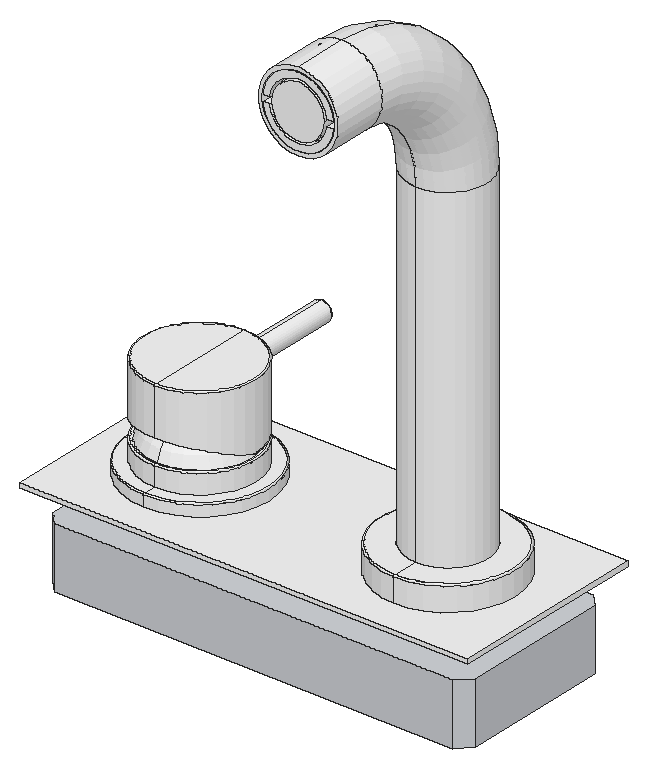
Revit family "Reece_Tap_Sussex_Scala_Curved_Bath Mixer System_32 mm", category Plumbing Fixtures, host Face, Revit 2018
Family settings
  Host = Face
  Round Connector Dimension = Use Diameter
  Part Type = Normal
  Cut with Voids When Loaded = No
  Shared = Yes
  Room Calculation Point = Yes
Parameters (values of type "200 mm_Left Hand_Chrome")
  WFU = 0  # constant formula
  URL = "https://www.reece.com.au/product/-2263063"
  Type Comments = "Tap"
  Reece_Tap_Reach = 200 mm
  Reece_Tap_Outlet_Reach = Reece_Tap_Reach - 2 mm  # 198 mm
  Reece_Tap_Inlet_Right = 0 mm
  Reece_Tap_Inlet_Left = 12 mm
  Reece_Tap_Handle_Top_Height = 27 mm  # constant formula
  Reece_Tap_Handle_Length = 84 mm  # constant formula
  Reece_Tap_Handle_Height = 41.8 mm  # constant formula
  Reece_Tap_Handle_Bottom_Height = 13 mm  # constant formula
  Reece_Tap_Clearance = 75 mm  # constant formula
  Reece_Right_Void = 12.5 mm
  Reece_Right Hand = not(Reece_Left Hand)  # no
  Reece_Product_Web Page = "https://www.reece.com.au/product/-2263063"
  Reece_Product_Type = "Tap"  # constant formula
  Reece_Product_Sub Brand = "Scala"  # constant formula
  Reece_Product_Number = "2263063"
  Reece_Product_Mount = "Wall Mounted"
  Reece_Product_Description = "Sussex Scala 32mm Curved Bath Mixer Tap Outlet System Left Hand 200mm Outlet Chrome"
  Reece_Product_Brand = "Sussex"  # constant formula
  Reece_Plumbing_Right_Void_Length = 3 mm
  Reece_Plumbing_Left_Void_Length = 25 mm
  Reece_Overall_Width = 80 mm  # constant formula
  Reece_Overall_Length = 180 mm  # constant formula
  Reece_Overall_Diameter = 56 mm  # constant formula
  Reece_Material_Main = Reece_Brass_Chrome
  Reece_Left_Void = 24 mm
  Reece_Left Hand = yes
  Reece_Detail_Shape = "Curved"  # constant formula
  Reece_Detail_Installation = ""
  Reece_Detail_Disclaimer = "THIS FILE IS THE PROPERTY OF THE REECE GROUP. IT MAY NOT BE REPRODUCED, REVERSE-ENGINEERED OR MODIFIED. ANY REPUBLICATION, TRANSMISSION OR DISTRIBUTION FOR THE PURPOSE OF COMMERCIALLY EXPLOITING THE FILES IS PROHIBITED."  # constant formula
  Reece_Detail_Connector = "Left Hand"
  Reece_Detail_Additional = "Bath Mixer System"  # constant formula
  Reece_Backplate_Thickness = 10 mm  # constant formula
  Model = "Scala"
  Manufacturer = "Sussex"
  Keynote = "Product #2263063, Reece_Tap_Sussex_Scala_Curved_Bath Mixer System_32 mm - 200 mm_Left Hand_Chrome"
  HWFU = 0  # constant formula
  Disclaimer = "THIS FILE IS THE PROPERTY OF THE REECE GROUP. IT MAY NOT BE REPRODUCED, REVERSE-ENGINEERED OR MODIFIED. ANY REPUBLICATION, TRANSMISSION OR DISTRIBUTION FOR THE PURPOSE OF COMMERCIALLY EXPLOITING THE FILES IS PROHIBITED."  # constant formula
  Description = "Scala 32mm Curved Bath Mixer Tap Outlet System Left Hand 200mm Outlet Chrome"
  Default Elevation = 1000 mm
  CWFU = 0  # constant formula
Types (12, lengths in mm): name | URL | Reece_Tap_Reach | Reece_Tap_Outlet_Reach | Reece_Tap_Inlet_Right | Reece_Tap_Inlet_Left | Reece_Right_Void | Reece_Right Hand | Reece_Product_Web Page | Reece_Product_Number | Reece_Product_Description | Reece_Plumbing_Right_Void_Length | Reece_Plumbing_Left_Void_Length | Reece_Material_Main | Reece_Left_Void | Reece_Left Hand | Reece_Detail_Connector | Keynote | Description
  200 mm_Left Hand_Chrome | "https://www.reece.com.au/product/-2263063" | 200 | 198 | 0 | 12 | 12.5 | no | "https://www.reece.com.au/product/-2263063" | "2263063" | "Sussex Scala 32mm Curved Bath Mixer Tap Outlet System Left Hand 200mm Outlet Chrome" | 3 | 25 | Reece_Brass_Chrome | 24 | yes | "Left Hand" | "Product #2263063, Reece_Tap_Sussex_Scala_Curved_Bath Mixer System_32 mm - 200 mm_Left Hand_Chrome" | "Scala 32mm Curved Bath Mixer Tap Outlet System Left Hand 200mm Outlet Chrome"
  200 mm_Left Hand_PVD Brushed Platinum Gold | "https://www.reece.com.au/product/-2268262" | 200 | 198 | 0 | 12 | 12.5 | no | "https://www.reece.com.au/product/-2268262" | "2268262" | "Sussex Scala 32mm Curved Bath Mixer Tap Outlet System Left Hand 200mm Outlet LUX PVD Brushed Platinum Gold" | 3 | 25 | Reece_PVD_Brushed_Platinum Gold | 24 | yes | "Left Hand" | "Product #2268262, Reece_Tap_Sussex_Scala_Curved_Bath Mixer System_32 mm - 200 mm_Left Hand_PVD Brushed Platinum Gold" | "Scala 32mm Curved Bath Mixer Tap Outlet System Left Hand 200mm Outlet LUX PVD Brushed Platinum Gold"
  250 mm_Left Hand_Chrome | "https://www.reece.com.au/product/-2263064" | 250 | 248 | 0 | 12 | 12.5 | no | "https://www.reece.com.au/product/-2263064" | "2263064" | "Sussex Scala 32mm Curved Bath Mixer Tap Outlet System Left Hand 250mm Outlet Chrome" | 3 | 25 | Reece_Brass_Chrome | 24 | yes | "Left Hand" | "Product #2263064, Reece_Tap_Sussex_Scala_Curved_Bath Mixer System_32 mm - 250 mm_Left Hand_Chrome" | "Scala 32mm Curved Bath Mixer Tap Outlet System Left Hand 250mm Outlet Chrome"
  250 mm_Left Hand_PVD Brushed Platinum Gold | "https://www.reece.com.au/product/-2268263" | 250 | 248 | 0 | 12 | 12.5 | no | "https://www.reece.com.au/product/-2268263" | "2268263" | "Sussex Scala 32mm Curved Bath Mixer Tap Outlet System Left Hand 250mm Outlet LUX PVD Brushed Platinum Gold" | 25 | 3 | Reece_PVD_Brushed_Platinum Gold | 24 | yes | "Left Hand" | "Product #2268263, Reece_Tap_Sussex_Scala_Curved_Bath Mixer System_32 mm - 250 mm_Left Hand_PVD Brushed Platinum Gold" | "Scala 32mm Curved Bath Mixer Tap Outlet System Left Hand 250mm Outlet LUX PVD Brushed Platinum Gold"
  200 mm_Right Hand_Chrome | "https://www.reece.com.au/product/-2263066" | 200 | 198 | 12 | 0 | 24 | yes | "https://www.reece.com.au/product/-2263066" | "2263066" | "Sussex Scala 32mm Curved Bath Mixer Tap Outlet System Right Hand 200mm Outlet Chrome" | 25 | 3 | Reece_Brass_Chrome | 12.5 | no | "Right Hand" | "Product #2263066, Reece_Tap_Sussex_Scala_Curved_Bath Mixer System_32 mm - 200 mm_Right Hand_Chrome" | "Scala 32mm Curved Bath Mixer Tap Outlet System Right Hand 200mm Outlet Chrome"
  200 mm_Right Hand_PVD Brushed Platinum Gold | "https://www.reece.com.au/product/-2268260" | 200 | 198 | 12 | 0 | 24 | yes | "https://www.reece.com.au/product/-2268260" | "2268260" | "Sussex Scala 32mm Curved Bath Mixer Tap Outlet System Right Hand 200mm Outlet LUX PVD Brushed Platinum Gold" | 25 | 3 | Reece_PVD_Brushed_Platinum Gold | 12.5 | no | "Right Hand" | "Product #2268260, Reece_Tap_Sussex_Scala_Curved_Bath Mixer System_32 mm - 200 mm_Right Hand_PVD Brushed Platinum Gold" | "Scala 32mm Curved Bath Mixer Tap Outlet System Right Hand 200mm Outlet LUX PVD Brushed Platinum Gold"
  250 mm_Right Hand_Chrome | "https://www.reece.com.au/product/-2263067" | 250 | 248 | 12 | 0 | 24 | yes | "https://www.reece.com.au/product/-2263067" | "2263067" | "Sussex Scala 32mm Curved Bath Mixer Tap Outlet System Right Hand 250mm Outlet Chrome" | 25 | 3 | Reece_Brass_Chrome | 12.5 | no | "Right Hand" | "Product #2263067, Reece_Tap_Sussex_Scala_Curved_Bath Mixer System_32 mm - 250 mm_Right Hand_Chrome" | "Scala 32mm Curved Bath Mixer Tap Outlet System Right Hand 250mm Outlet Chrome"
  250 mm_Right Hand_PVD Brushed Platinum Gold | "https://www.reece.com.au/product/-2268259" | 250 | 248 | 12 | 0 | 24 | yes | "https://www.reece.com.au/product/-2268259" | "2268259" | "Sussex Scala 32mm Curved Bath Mixer Tap Outlet System Right Hand 250mm Outlet LUX PVD Brushed Platinum Gold" | 25 | 3 | Reece_PVD_Brushed_Platinum Gold | 12.5 | no | "Right Hand" | "Product #2268259, Reece_Tap_Sussex_Scala_Curved_Bath Mixer System_32 mm - 250 mm_Right Hand_PVD Brushed Platinum Gold" | "Scala 32mm Curved Bath Mixer Tap Outlet System Right Hand 250mm Outlet LUX PVD Brushed Platinum Gold"
  160 mm_Left Hand_Chrome | "https://www.reece.com.au/product/-2263062" | 160 | 158 | 0 | 12 | 12.5 | no | "https://www.reece.com.au/product/-2263062" | "2263062" | "Sussex Scala 32mm Curved Bath Mixer Tap Outlet System Left Hand 160mm Outlet Chrome" | 3 | 25 | Reece_Brass_Chrome | 24 | yes | "Left Hand" | "Product #2263062, Reece_Tap_Sussex_Scala_Curved_Bath Mixer System_32 mm - 160 mm_Left Hand_Chrome" | "Scala 32mm Curved Bath Mixer Tap Outlet System Left Hand 160mm Outlet Chrome"
  160 mm_Left Hand_PVD Brushed Platinum Gold | "https://www.reece.com.au/product/-2268261" | 160 | 158 | 0 | 12 | 12.5 | no | "https://www.reece.com.au/product/-2268261" | "2268261" | "Sussex Scala 32mm Curved Bath Mixer Tap Outlet System Left Hand 160mm Outlet LUX PVD Brushed Platinum Gold" | 3 | 25 | Reece_PVD_Brushed_Platinum Gold | 24 | yes | "Left Hand" | "Product #2268261, Reece_Tap_Sussex_Scala_Curved_Bath Mixer System_32 mm - 160 mm_Left Hand_PVD Brushed Platinum Gold" | "Scala 32mm Curved Bath Mixer Tap Outlet System Left Hand 160mm Outlet LUX PVD Brushed Platinum Gold"
  160 mm_Right Hand_Chrome | "https://www.reece.com.au/product/-2263065" | 160 | 158 | 12 | 0 | 24 | yes | "https://www.reece.com.au/product/-2263065" | "2263065" | "Sussex Scala 32mm Curved Bath Mixer Tap Outlet System Right Hand 160mm Outlet Chrome" | 25 | 3 | Reece_Brass_Chrome | 12.5 | no | "Right Hand" | "Product #2263065, Reece_Tap_Sussex_Scala_Curved_Bath Mixer System_32 mm - 160 mm_Right Hand_Chrome" | "Scala 32mm Curved Bath Mixer Tap Outlet System Right Hand 160mm Outlet Chrome"
  160 mm_Right Hand_PVD Brushed Platinum Gold | "https://www.reece.com.au/product/-2268258" | 160 | 158 | 12 | 0 | 24 | yes | "https://www.reece.com.au/product/-2268258" | "2268258" | "Sussex Scala 32mm Curved Bath Mixer Tap Outlet System Right Hand 160mm Outlet LUX PVD Brushed Platinum Gold" | 25 | 3 | Reece_PVD_Brushed_Platinum Gold | 12.5 | no | "Right Hand" | "Product #2268258, Reece_Tap_Sussex_Scala_Curved_Bath Mixer System_32 mm - 160 mm_Right Hand_PVD Brushed Platinum Gold" | "Scala 32mm Curved Bath Mixer Tap Outlet System Right Hand 160mm Outlet LUX PVD Brushed Platinum Gold"
Reference planes
  plane 1 "Center (Front/Back)": y = 0
  plane 2 "Bottom": z = 0
  plane 3 "Center (Left/Right)": x = 0
  plane 4 "Top": z = 200
  plane 5: y = 40
  plane 6: y = -40
  plane 7: x = -90
  plane 8: x = 90
  plane 9: x = -49.8
  plane 10: x = 49.8
  plane 11: y = -75
  plane 12: z = 2
  plane 13: z = -23.75
  plane 14: x = -65
  plane 15: y = 37
  plane 16: x = 87
  plane 17: x = 33.8
  plane 18: x = 65.8
  plane 19: y = -22.5
  plane 20: y = 61.5
Forms (mm)
  Extrusion 1, solid, material "Reece_Brass_Chrome" <- "Reece_Material_Main"
    sketch origin (0, 0, 0) x (1, 0, 0) y (0, 1, 0)
      loop
        line (-90, 40) -> (-90, -40) -> (90, -40) -> (90, 40) -> (-90, 40)
    from 0 to 2
  Revolve 2, void
    sketch origin (0, 0, 0) x (1, 0, 0) y (0, 0, 1)
      loop
        line (-49.8, 2) -> (-49.8, -39.258) -> (-25.8, -39.258) -> (-25.8, 2) -> (-49.8, 2)
      axis (-49.8, 2) -> (-49.8, -39.258)
    angle from 0 to 360
  Revolve 3, void
    sketch origin (99.6, 0, 0) x (1, 0, 0) y (0, 0, 1)
      loop
        line (-49.8, 2) -> (-49.8, -41.506) -> (-37.3, -41.506) -> (-37.3, 2) -> (-49.8, 2)
      axis (-49.8, 2) -> (-49.8, -41.506)
    angle from 0 to 360
  Revolve 4, solid, visible <- "Reece_Left Hand"
    sketch origin (-79.101, 0, 1219.2) x (-1, 0, 0) y (0, 0, -1)
      loop
        line (-140.374, 1230.612) -> (-140.374, 1229.603) -> (-139.209, 1229.603) -> (-139.978, 1229.064) -> (-139.209, 1228.526) -> (-139.978, 1227.987) -> (-139.209, 1227.449) -> (-139.978, 1226.91) -> (-139.209, 1226.371) -> (-139.978, 1225.833) -> (-139.209, 1225.294) -> (-139.978, 1224.756) -> (-139.209, 1224.217) -> (-139.978, 1223.678) -> (-139.209, 1223.14) -> (-139.978, 1222.601) -> (-139.209, 1222.063) -> (-139.978, 1221.524) -> (-139.209, 1220.985) -> (-139.978, 1220.447) -> (-139.209, 1219.908) -> (-139.978, 1219.37) -> (-139.209, 1218.831) -> (-139.978, 1218.292) -> (-139.209, 1217.754) -> (-140, 1217.2) -> (-128.901, 1217.2) -> (-128.901, 1230.612) -> (-140.374, 1230.612)
      axis (-128.901, 1217.2) -> (-128.901, 1230.612)
    angle from 0 to 360
  Extrusion 5, solid
    sketch origin (0, 0, 0) x (1, 0, 0) y (0, 1, 0)
      loop
        line (-85, 30) -> (-85, -30) -> (-80, -35) -> (80, -35) -> (85, -30) -> (85, 30) -> (80, 35) -> (-80, 35) -> (-85, 30)
    from -36.057 to -11.412
  Extrusion 6, void
    sketch origin (0, 0, 0) x (1, 0, 0) y (0, 1, 0)
      loop
        line (-90, 40) -> (-90, -40) -> (90, -40) -> (90, 40) -> (-90, 40)
    from -46.112 to 0
  Revolve 7, solid, visible <- "Reece_Left Hand"
    sketch origin (0, 0, 0) x (1, 0, 0) y (0, 0, 1)
      loop
        line (-49.8, 2) -> (-49.8, -11.412) -> (-27.752, -11.412) -> (-27.752, 2) -> (-49.8, 2)
      axis (-49.8, 2) -> (-49.8, -11.412)
    angle from 0 to 360
  Revolve 8, solid, visible <- "Reece_Right Hand"
    sketch origin (99.6, 0, 0) x (1, 0, 0) y (0, 0, 1)
      loop
        line (-49.8, 2) -> (-49.8, -11.412) -> (-27.752, -11.412) -> (-27.752, 2) -> (-49.8, 2)
      axis (-49.8, 2) -> (-49.8, -11.412)
    angle from 0 to 360
  Revolve 9, solid, visible <- "Reece_Right Hand"
    sketch origin (79.101, 0, 1219.2) x (1, 0, 0) y (0, 0, 1)
      loop
        line (-140.374, -1230.612) -> (-128.901, -1230.612) -> (-128.901, -1217.2) -> (-140, -1217.2) -> (-139.209, -1217.754) -> (-139.978, -1218.292) -> (-139.209, -1218.831) -> (-139.978, -1219.37) -> (-139.209, -1219.908) -> (-139.978, -1220.447) -> (-139.209, -1220.985) -> (-139.978, -1221.524) -> (-139.209, -1222.063) -> (-139.978, -1222.601) -> (-139.209, -1223.14) -> (-139.978, -1223.678) -> (-139.209, -1224.217) -> (-139.978, -1224.756) -> (-139.209, -1225.294) -> (-139.978, -1225.833) -> (-139.209, -1226.371) -> (-139.978, -1226.91) -> (-139.209, -1227.449) -> (-139.978, -1227.987) -> (-139.209, -1228.526) -> (-139.978, -1229.064) -> (-139.209, -1229.603) -> (-140.374, -1229.603) -> (-140.374, -1230.612)
      axis (-128.901, -1217.2) -> (-128.901, -1230.612)
    angle from 0 to 360
  Revolve 10, void
    sketch origin (0, 0, -23.75) x (1, 0, 0) y (0, 1, 0)
      loop
        line (34.8, 37) -> (41.8, 37) -> (41.8, 40) -> (34.8, 40) -> (34.8, 37)
      axis (34.8, 40) -> (34.8, 37)
    angle from 0 to 360
  Revolve 11, void
    sketch origin (0, 0, -23.5) x (1, 0, 0) y (0, 1, 0)
      loop
        line (87, 0) -> (90, 0) -> (90, 7) -> (87, 7) -> (87, 0)
      axis (87, 0) -> (90, 0)
    angle from 0 to 360
  Revolve 12, void
    sketch origin (0, 0, -23.75) x (-1, 0, 0) y (0, -1, 0)
      loop
        line (34.8, -15) -> (34.8, -40) -> (41.8, -40) -> (41.8, -15) -> (34.8, -15)
      axis (34.8, -40) -> (34.8, -15)
    angle from 0 to 360
  Revolve 13, void
    sketch origin (0, 0, -23.5) x (-1, 0, 0) y (0, -1, 0)
      loop
        line (65, 0) -> (65, -7) -> (90, -7) -> (90, 0) -> (65, 0)
      axis (65, 0) -> (90, 0)
    angle from 0 to 360
Cuts and joins
  Revolve 2, Revolve 3, Revolve 10 cuts Extrusion 1
  Revolve 10 cuts Revolve 8
  Revolve 10, Revolve 11, Revolve 12, Revolve 13 cuts Extrusion 5
Text (mm)
  text "Reece Copyright © 2018, Reece Ltd." at (-184.095, -168.531, 0), in view "Ref. Level"
  text "Reece ©" at (44.384, 258.95, 192.345), in view "Reece Preview"
Dimensions and locks
  "Reece_Tap_Reach": plane 4 "Top" to plane 2 "Bottom"
  "Reece_Overall_Width": plane 6 to plane 5
  "Reece_Overall_Length": plane 7 to plane 8
  plane 9 to plane 10 = 99.6 mm
  "Reece_Tap_Clearance": plane 11 to plane 1 "Center (Front/Back)"
  plane 4 "Top" to plane 2 "Bottom" = 200 mm
  plane 10 to plane 9 = 99.6 mm
  plane 2 "Bottom" to plane 4 "Top" = 200 mm
  "Reece_Tap_Clearance": plane 1 "Center (Front/Back)" to plane 11
  "Reece_Left_Void": Revolve 2 sketch curve to Revolve 2 sketch curve
  "Reece_Right_Void": Revolve 3 sketch curve to Revolve 3 sketch curve
  "Reece_Plumbing_Left_Void_Length": plane 7 to plane 14
  "Reece_Plumbing_Right_Void_Length": plane 5 to plane 15
  "Reece_Plumbing_Right_Void_Length": plane 16 to plane 8
  plane 17 to plane 18 = 32 mm
  "Reece_Tap_Handle_Length": plane 19 to plane 20
  aligned and locked: plane 2 "Bottom" to host face
  aligned and locked: level to host face
  aligned and locked: plane 9 to nested 3
  aligned and locked: plane 10 to nested 4
  aligned and locked: plane 1 "Center (Front/Back)" to nested 4
  aligned and locked: plane 5 to Revolve 10 sketch curve
  aligned and locked: plane 7 to Revolve 13
  aligned and locked: plane 15 to cut or joined group of Extrusion 5, Revolve 10, Revolve 11, Revolve 12, Revolve 13
  aligned and locked: plane 16 to cut or joined group of Extrusion 5, Revolve 10, Revolve 11, Revolve 12, Revolve 13
  aligned and locked: plane 14 to Revolve 13
Automatic sketch dimensions
  host sketch curve to host sketch curve = 380.785 mm
  host sketch curve to host sketch curve = 317.421 mm
  plane 6 to Extrusion 1 sketch curve = 0 mm
  Extrusion 1 sketch curve to plane 7 = 0 mm
  Extrusion 1 sketch curve to plane 8 = 0 mm
  plane 5 to Extrusion 1 sketch curve = 0 mm
  Revolve 4 sketch curve to plane 12 = 0 mm
  Revolve 4 sketch curve to plane 10 = 0 mm  (x2)
  level to Revolve 4 sketch curve = 0.369 mm
  plane 10 to Revolve 4 sketch curve = 10.308 mm
  Revolve 4 sketch curve to plane 12 = 0.554 mm
  Revolve 4 sketch curve to Revolve 4 sketch curve = 0 mm  (x11)
  Revolve 4 sketch curve to level = 0.708 mm
  Revolve 4 sketch curve to level = 1.785 mm
  Revolve 4 sketch curve to level = 2.863 mm
  Revolve 4 sketch curve to level = 3.94 mm
  Revolve 4 sketch curve to level = 5.017 mm
  Revolve 4 sketch curve to Revolve 4 sketch curve = 0.769 mm  (x11)
  Revolve 4 sketch curve to level = 4.478 mm
  Revolve 4 sketch curve to level = 3.401 mm
  Revolve 4 sketch curve to level = 2.324 mm
  Revolve 4 sketch curve to level = 1.247 mm
  Revolve 4 sketch curve to level = 0.17 mm
  level to Revolve 4 sketch curve = 0.908 mm
  Revolve 4 sketch curve to Revolve 4 sketch curve = 0.791 mm
  Revolve 4 sketch curve to Revolve 4 sketch curve = 0.397 mm
  Revolve 4 sketch curve to Revolve 4 sketch curve = 0.539 mm  (x10)
  Revolve 4 sketch curve to Revolve 4 sketch curve = 1.009 mm
  Revolve 4 sketch curve to Revolve 4 sketch curve = 6.93 mm
  Revolve 4 sketch curve to plane 13 = 13.767 mm
  Extrusion 5 sketch curve to plane 7 = 5 mm
  plane 5 to Extrusion 5 sketch curve = 5 mm
  Extrusion 5 sketch curve to Extrusion 5 sketch curve = 5 mm  (x6)
  Extrusion 5 sketch curve to plane 6 = 5 mm
  plane 8 to Extrusion 5 sketch curve = 10 mm  (x2)
  plane 8 to Extrusion 5 sketch curve = 5 mm
  plane 6 to Extrusion 6 sketch curve = 0 mm
  Extrusion 6 sketch curve to plane 7 = 0 mm
  Extrusion 6 sketch curve to plane 8 = 0 mm
  plane 5 to Extrusion 6 sketch curve = 0 mm
  Revolve 7 sketch curve to plane 9 = 0 mm  (x2)
  Revolve 7 sketch curve to plane 12 = 0 mm
  plane 9 to Revolve 7 sketch curve = 22.048 mm
  Revolve 7 sketch curve to level = 11.412 mm
  Revolve 7 sketch curve to level = 3 mm
  plane 13 to Revolve 7 sketch curve = 5.75 mm
  Revolve 8 sketch curve to plane 10 = 0 mm  (x2)
  Revolve 8 sketch curve to plane 12 = 0 mm
  plane 8 to Revolve 8 sketch curve = 18.152 mm
  Revolve 8 sketch curve to level = 11.412 mm
  Revolve 8 sketch curve to level = 3 mm
  plane 13 to Revolve 8 sketch curve = 5.75 mm
  Revolve 9 sketch curve to plane 12 = 0 mm
  Revolve 9 sketch curve to plane 9 = 0 mm  (x2)
  level to Revolve 9 sketch curve = 0.369 mm
  Revolve 9 sketch curve to plane 9 = 10.308 mm
  Revolve 9 sketch curve to plane 12 = 0.554 mm
  Revolve 9 sketch curve to Revolve 9 sketch curve = 0 mm  (x11)
  Revolve 9 sketch curve to level = 0.708 mm
  Revolve 9 sketch curve to level = 1.785 mm
  Revolve 9 sketch curve to level = 2.863 mm
  Revolve 9 sketch curve to level = 3.94 mm
  Revolve 9 sketch curve to level = 5.017 mm
  Revolve 9 sketch curve to Revolve 9 sketch curve = 0.769 mm  (x11)
  Revolve 9 sketch curve to level = 4.478 mm
  Revolve 9 sketch curve to level = 3.401 mm
  Revolve 9 sketch curve to level = 2.324 mm
  Revolve 9 sketch curve to level = 1.247 mm
  Revolve 9 sketch curve to level = 0.17 mm
  level to Revolve 9 sketch curve = 0.908 mm
  Revolve 9 sketch curve to Revolve 9 sketch curve = 0.791 mm
  Revolve 9 sketch curve to Revolve 9 sketch curve = 0.397 mm
  Revolve 9 sketch curve to Revolve 9 sketch curve = 0.539 mm  (x10)
  Revolve 9 sketch curve to Revolve 9 sketch curve = 1.009 mm
  Revolve 9 sketch curve to plane 13 = 13.767 mm
  Revolve 9 sketch curve to Revolve 9 sketch curve = 6.93 mm
  Revolve 10 sketch curve to plane 10 = 15 mm
  Revolve 10 sketch curve to Revolve 10 sketch curve = 7 mm
  Revolve 10 sketch curve to plane 1 "Center (Front/Back)" = 37 mm
  Revolve 10 sketch curve to Revolve 10 sketch curve = 0 mm
  Revolve 10 sketch curve to Revolve 10 sketch curve = 9.784 mm
  Revolve 10 sketch curve to Revolve 10 sketch curve = 8 mm
  plane 1 "Center (Front/Back)" to Revolve 11 sketch curve = 0 mm  (x2)
  Revolve 11 sketch curve to plane 8 = 0 mm
  plane 10 to Revolve 11 sketch curve = 37.2 mm
  Revolve 11 sketch curve to Revolve 11 sketch curve = 7 mm
  plane 8 to Revolve 11 sketch curve = 10 mm
  Revolve 11 sketch curve to Revolve 11 sketch curve = 10 mm
  plane 5 to Revolve 12 sketch curve = 0 mm
  plane 9 to Revolve 12 sketch curve = 15 mm
  Revolve 12 sketch curve to Revolve 12 sketch curve = 7 mm
  Revolve 12 sketch curve to plane 1 "Center (Front/Back)" = 15 mm
  Revolve 12 sketch curve to Revolve 12 sketch curve = 0 mm
  Revolve 12 sketch curve to plane 5 = 8 mm
  Revolve 12 sketch curve to Revolve 12 sketch curve = 13.357 mm
  plane 1 "Center (Front/Back)" to Revolve 13 sketch curve = 0 mm  (x2)
  Revolve 13 sketch curve to plane 7 = 0 mm
  Revolve 13 sketch curve to plane 9 = 15.2 mm
  Revolve 13 sketch curve to Revolve 13 sketch curve = 7 mm
  Revolve 13 sketch curve to Revolve 13 sketch curve = 10 mm
  plane 7 to Revolve 13 sketch curve = 10 mm
  Revolve 2 sketch curve to plane 9 = 0 mm  (x2)
  Revolve 2 sketch curve to plane 12 = 0 mm
  Revolve 2 sketch curve to plane 13 = 15.508 mm
  plane 13 to Revolve 2 sketch curve = 3.265 mm
  Revolve 2 sketch curve to Revolve 2 sketch curve = 1.228 mm
  Revolve 3 sketch curve to plane 10 = 0 mm  (x2)
  Revolve 3 sketch curve to plane 12 = 0 mm
  Revolve 3 sketch curve to plane 13 = 17.756 mm
  plane 13 to Revolve 3 sketch curve = 3.265 mm
  Revolve 3 sketch curve to Revolve 3 sketch curve = 1.02 mm
Nested families
  nested 1: "Reece_Tap_Sussex_Scala_Curved_32 mm_Nested" at (49.8, 0, 2), visible <- "Reece_Left Hand", Reece_Tap_Clearance <- "Reece_Tap_Clearance", Reece_Tap_Reach <- "Reece_Tap_Outlet_Reach", Reece_Backplate_Thickness <- "Reece_Backplate_Thickness", Reece_Material_Main <- "Reece_Material_Main", type "Reece_Tap_Sussex_Scala_Curved_32 mm_Nested"
    with Reece_Tap_Reach 198 mm, Reece_Tap_Clearance 75 mm, Reece_Overall_Length 214 mm, Reece_Material_Main Reece_Brass_Chrome, Reece_Backplate_Thickness 10 mm, Default Elevation 1000 mm
  nested 2: "Reece_Tap_Sussex_Scala_Curved_32 mm_Nested" at (-49.8, 0, 2), visible <- "Reece_Right Hand", Reece_Tap_Clearance <- "Reece_Tap_Clearance", Reece_Tap_Reach <- "Reece_Tap_Outlet_Reach", Reece_Backplate_Thickness <- "Reece_Backplate_Thickness", Reece_Material_Main <- "Reece_Material_Main", type "Reece_Tap_Sussex_Scala_Curved_32 mm_Nested"
    with Reece_Tap_Reach 198 mm, Reece_Tap_Clearance 75 mm, Reece_Overall_Length 214 mm, Reece_Material_Main Reece_Brass_Chrome, Reece_Backplate_Thickness 10 mm, Default Elevation 1000 mm
  nested 3: "Reece_Tap_Sussex_Scala_Mixer_Nested" at (-49.8, 0, 2), visible <- "Reece_Left Hand", Reece_Material_Main <- "Reece_Material_Main", Reece_Overall_Diameter <- "Reece_Overall_Diameter", Reece_Tap_Handle_Height <- "Reece_Tap_Handle_Height", Reece_Tap_Handle_Top_Height <- "Reece_Tap_Handle_Top_Height", Reece_Tap_Handle_Bottom_Height <- "Reece_Tap_Handle_Bottom_Height", Reece_Tap_Projection <- "Reece_Tap_Handle_Length", type "Reece_Tap_Sussex_Scala_Mixer_Nested"
    with Reece_Tap_Projection 84 mm, Reece_Tap_Handle_Top_Height 27 mm, Reece_Tap_Handle_Height 41.8 mm, Reece_Tap_Handle_Bottom_Height 13 mm, Reece_Overall_Diameter 56 mm, Reece_Material_Main Reece_Brass_Chrome
  nested 4: "Reece_Tap_Sussex_Scala_Mixer_Nested" at (49.8, 0, 2), visible <- "Reece_Right Hand", Reece_Material_Main <- "Reece_Material_Main", Reece_Overall_Diameter <- "Reece_Overall_Diameter", Reece_Tap_Handle_Height <- "Reece_Tap_Handle_Height", Reece_Tap_Handle_Top_Height <- "Reece_Tap_Handle_Top_Height", Reece_Tap_Handle_Bottom_Height <- "Reece_Tap_Handle_Bottom_Height", Reece_Tap_Projection <- "Reece_Tap_Handle_Length", type "Reece_Tap_Sussex_Scala_Mixer_Nested"
    with Reece_Tap_Projection 84 mm, Reece_Tap_Handle_Top_Height 27 mm, Reece_Tap_Handle_Height 41.8 mm, Reece_Tap_Handle_Bottom_Height 13 mm, Reece_Overall_Diameter 56 mm, Reece_Material_Main Reece_Brass_Chrome
Connectors
  piping at (85, 0, -23.734), driven by "Reece_Tap_Inlet_Right"
    settings: on cut or joined group of Extrusion 5, Revolve 10, Revolve 11, Revolve 12, Revolve 13, index 1, connector diameter 0 mm, connector inside diameter 609.6 mm, connector length 0 mm, flow factor 0, pipe flow 0.0 L/s, pressure drop 0.0 Pa, fitting loss kfactor 0, connector angle 0.00°, fixture units 0, engagement length 0 mm, angle of deflection 0.00°, flow configuration 0, flow direction 1, fitting loss method 0, system type 29, joint type 0, gender type 0, connector reference index -1, connector utility 0, adjustable connector no, is connector primary yes, connector description ""
  piping at (34.8, 35, -23.75), driven by "Reece_Tap_Inlet_Right"
    settings: on cut or joined group of Extrusion 5, Revolve 10, Revolve 11, Revolve 12, Revolve 13, index 2, connector diameter 0 mm, connector inside diameter 609.6 mm, connector length 0 mm, flow factor 0, pipe flow 0.0 L/s, pressure drop 0.0 Pa, fitting loss kfactor 0, connector angle 0.00°, fixture units 0, engagement length 0 mm, angle of deflection 0.00°, flow configuration 0, flow direction 1, fitting loss method 0, system type 29, joint type 0, gender type 0, connector reference index -1, connector utility 0, adjustable connector no, is connector primary no, connector description ""
  piping at (-34.8, 35, -23.75), diameter 12, driven by "Reece_Tap_Inlet_Left"
    settings: on cut or joined group of Extrusion 5, Revolve 10, Revolve 11, Revolve 12, Revolve 13, index 3, connector inside diameter 609.6 mm, connector length 0 mm, flow factor 0, pipe flow 0.0 L/s, pressure drop 0.0 Pa, fitting loss kfactor 0, connector angle 0.00°, fixture units 0, engagement length 0 mm, angle of deflection 0.00°, flow configuration 0, flow direction 1, fitting loss method 0, system type 29, joint type 0, gender type 0, connector reference index -1, connector utility 0, adjustable connector no, is connector primary no, connector description ""
  piping at (-85, 0, -23.5), diameter 12, driven by "Reece_Tap_Inlet_Left"
    settings: on cut or joined group of Extrusion 5, Revolve 10, Revolve 11, Revolve 12, Revolve 13, index 4, connector inside diameter 609.6 mm, connector length 0 mm, flow factor 0, pipe flow 0.0 L/s, pressure drop 0.0 Pa, fitting loss kfactor 0, connector angle 0.00°, fixture units 0, engagement length 0 mm, angle of deflection 0.00°, flow configuration 0, flow direction 1, fitting loss method 0, system type 29, joint type 0, gender type 0, connector reference index -1, connector utility 0, adjustable connector no, is connector primary no, connector description ""
Definition of nested family "Reece_Tap_Sussex_Scala_Curved_32 mm_Nested"
  Parameters (values of type "Reece_Tap_Sussex_Scala_Curved_32 mm_Nested")
    Waste Connection = no
    WFU = 0
    Vent Connection = no
    URL = ""
    Type Comments = ""
    Reece_Tap_Reach [instance] = 200 mm
    Reece_Tap_Clearance [instance] = 67 mm
    Reece_Overall_Length [instance] = Reece_Tap_Reach + 16 mm  # 216 mm
    Reece_Material_Main [instance] = none
    Reece_Backplate_Thickness [instance] = 5 mm
    Model = ""
    Manufacturer = ""
    Keynote = ""
    HWFU = 0
    HW Connection = no
    Description = ""
    Default Elevation = 0 mm
    Cost = 0
    CWFU = 0
    CW Connection = no
    Assembly Code = ""
  Types (2, lengths in mm): name | Reece_Tap_Reach | Reece_Overall_Length | Default Elevation
    Reece_Tap_Sussex_Scala_Curved_32 mm_Nested | 200 | 216 | 0
    Reece_Tap_Sussex_Scala_Curved_25 mm_Nested | 250 | 266 | 1000
  Reference planes
    plane 1 "Center (Front/Back)": y = 0
    plane 2 "Bottom": z = 0
    plane 3 "Center (Left/Right)": x = 0
    plane 4: z = 200
    plane 5: y = -67
    plane 6: z = 216
    plane 7: x = 100
    plane 8: x = -100
    plane 9: z = 43
    plane 10: x = -73
    plane 11: x = -127
    plane 12: x = -27
    plane 13: x = 27
    plane 14: x = -12.5
    plane 15: x = 12.5
    plane 16: y = 0
    plane 17: z = 5
  Forms (mm)
    Extrusion 1, solid
      sketch origin (609.2, -664.2, 0) x (1, 0, 0) y (0, 1, 0)
        loop
          line (-797.73, 779.2) -> (-797.73, 509.547) -> (-428.415, 509.547) -> (-428.415, 779.2) -> (-797.73, 779.2)
      from 0 to -9.564
    Sweep 2, solid, material <- "Reece_Material_Main"
      path origin (0, 0, 0) x (0, 1, 0) y (0, 0, 1)
        loop
          line (0, 8.917) -> (0, 155)
          arc (0, 155) -> (-13.18, 186.82) -> (-45, 200) r 45
          line (-45, 200) -> (-67, 200)
      profile origin (0, 0, 81.959) x (0, -1, 0) y (1, 0, 0)
        loop
          circle (0, 0) r 16
        loop
          circle (0, 0) r 14.5
    Extrusion 3, solid, material <- "Reece_Material_Main"
      sketch origin (0, 0, 0) x (1, 0, 0) y (0, 0, 1)
        loop
          circle (0, 200) r 10.535
        loop
          line (-14.201, 201.337) -> (-11.513, 201.337)
          arc (-11.513, 201.337) -> (0, 211.59) -> (11.513, 201.337) r 11.59
          line (11.513, 201.337) -> (14.201, 201.337)
          arc (14.201, 201.337) -> (0, 214.264) -> (-14.201, 201.337) r 14.264
        loop
          arc (-14.201, 198.663) -> (0, 185.736) -> (14.201, 198.663) r 14.264
          line (14.201, 198.663) -> (11.513, 198.663)
          arc (11.513, 198.663) -> (0, 188.41) -> (-11.513, 198.663) r 11.59
          line (-11.513, 198.663) -> (-14.201, 198.663)
      from 64.455 to 67
    Extrusion 4, solid, material <- "Reece_Material_Main"
      sketch origin (0, 0, 0) x (1, 0, 0) y (0, 0, 1)
        loop
          circle (0, 200) r 14.5
      from 62.863 to 64.455
    Revolve 5, solid, material <- "Reece_Material_Main"
      sketch origin (0, 0, 0) x (0, 1, 0) y (0, 0, 1)
        loop
          line (0, 0) -> (0, 8.917) -> (-16.209, 8.917) -> (-16.209, 10) -> (-26.4, 10)
          arc (-26.4, 10) -> (-26.824, 9.824) -> (-27, 9.4) r 0.6
          line (-27, 9.4) -> (-27, 0) -> (0, 0)
        axis (0, 10) -> (0, 0)
      angle from 0 to 360
  Cuts and joins
    joined: Sweep 2, Extrusion 3, Extrusion 4
  Text (mm)
    text "Reece Copyright © 2018, Reece Ltd." at (-195.976, -180.714, 0), in view "Ref. Level"
    text "Reece ©" at (69.347, 211.464, 119.896), in view "Reece Preview"
  Dimensions and locks
    "Reece_Tap_Reach": plane 4 to plane 2 "Bottom"
    "Reece_Overall_Length": plane 6 to plane 2 "Bottom"
    equal spacing: plane 8, plane 3 "Center (Left/Right)", plane 7
    plane 8 to plane 7 = 200 mm
    plane 9 to plane 2 "Bottom" = 43 mm
    "Reece_Tap_Clearance": plane 1 "Center (Front/Back)" to plane 5
    plane 9 to Extrusion 1 = 43 mm
    plane 11 to plane 10 = 54 mm
    equal spacing: plane 11, plane 8, plane 10
    plane 12 to plane 13 = 54 mm
    plane 6 to plane 4 = 16 mm
    plane 8 to plane 3 "Center (Left/Right)" = 100 mm
    plane 3 "Center (Left/Right)" to plane 7 = 100 mm
    plane 5 to plane 1 "Center (Front/Back)" = 67 mm
    plane 1 "Center (Front/Back)" to plane 16 = 0 mm
    "Reece_Backplate_Thickness": plane 17 to plane 2 "Bottom"
    locked: cut or joined group of Sweep 2, Extrusion 3, Extrusion 4 to cut or joined group of Sweep 2, Extrusion 3, Extrusion 4 at 4.137
    aligned and locked: plane 2 "Bottom" to Extrusion 1
    aligned and locked: level to Extrusion 1
    aligned and locked: plane 1 "Center (Front/Back)" to Sweep 2 sketch curve
    aligned and locked: Sweep 2 sketch curve to plane 4
    aligned and locked: plane 5 to cut or joined group of Sweep 2, Extrusion 3, Extrusion 4  (x2)
  Automatic sketch dimensions
    Extrusion 1 sketch curve to Extrusion 1 sketch curve = 369.315 mm
    Extrusion 1 sketch curve to Extrusion 1 sketch curve = 269.653 mm
    Sweep 2 sketch curve to plane 5 = 0 mm
    Sweep 2 sketch curve to Sweep 2 sketch curve = 22 mm
    level to Sweep 2 sketch curve = 8.917 mm
    Sweep 2 sketch curve to Sweep 2 sketch curve = 0 mm  (x2)
    Sweep 2 sketch curve to plane 3 "Center (Left/Right)" = 0 mm
    Sweep 2 sketch curve to profile plane = 0 mm
    Extrusion 4 sketch curve to plane 3 "Center (Left/Right)" = 0 mm
    Extrusion 4 sketch curve to plane 4 = 0 mm
    Extrusion 3 sketch curve to Extrusion 3 sketch curve = 0 mm  (x20)
    Extrusion 3 sketch curve to plane 3 "Center (Left/Right)" = 0 mm
    Extrusion 3 sketch curve to plane 4 = 0 mm
    Extrusion 3 sketch curve to plane 14 = 0.987 mm  (x2)
    plane 14 to Extrusion 3 sketch curve = 1.701 mm  (x2)
    Extrusion 3 sketch curve to plane 15 = 0.987 mm  (x2)
    Extrusion 3 sketch curve to plane 4 = 1.337 mm
    plane 4 to Extrusion 3 sketch curve = 1.337 mm
    level to Revolve 5 sketch curve = 0 mm
    Revolve 5 sketch curve to plane 1 "Center (Front/Back)" = 0 mm  (x2)
    plane 1 "Center (Front/Back)" to Revolve 5 sketch curve = 16.209 mm
    Revolve 5 sketch curve to Revolve 5 sketch curve = 10.191 mm
    Revolve 5 sketch curve to Revolve 5 sketch curve = 0.6 mm
    Revolve 5 sketch curve to Revolve 5 sketch curve = 8.917 mm
    Revolve 5 sketch curve to Revolve 5 sketch curve = 9.4 mm
    Revolve 5 sketch curve to level = 12.434 mm
    Revolve 5 sketch curve to Revolve 5 sketch curve = 2.566 mm
    radius of Sweep 2 sketch curve = 16 mm
    radius of Sweep 2 sketch curve = 14.5 mm
    radius of Extrusion 4 sketch curve = 14.5 mm
    radius of Extrusion 3 sketch curve = 10.535 mm
Definition of nested family "Reece_Tap_Sussex_Scala_Mixer_Nested"
  Parameters (values of type "Reece_Tap_Sussex_Scala_Mixer_Nested")
    Waste Connection = no
    WFU = 0
    Vent Connection = no
    URL = ""
    Type Comments = ""
    Reece_Tap_Projection [instance] = 85 mm
    Reece_Tap_Handle_Top_Height [instance] = 30 mm
    Reece_Tap_Handle_Height [instance] = 46.4 mm
    Reece_Tap_Handle_Bottom_Height [instance] = 15 mm
    Reece_Overall_Diameter [instance] = 55 mm
    Reece_Material_Main [instance] = none
    Model = ""
    Manufacturer = ""
    Keynote = ""
    HWFU = 0
    HW Connection = no
    Description = ""
    Default Elevation = 0 mm
    Cost = 0
    CWFU = 0
    CW Connection = no
    Assembly Code = ""
  Reference planes
    plane 1 "Center (Front/Back)": y = 0
    plane 2 "Bottom": z = 0
    plane 3 "Center (Left/Right)": x = 0
    plane 4: y = -27.5
    plane 5: y = 27.5
    plane 6: z = 36
    plane 7: x = -27
    plane 8: x = 27
    plane 9: z = 46.4
    plane 10: z = 16.4
    plane 11: z = 15
    plane 12: z = 4.8
    plane 13: x = -22.5
    plane 14: x = 22.5
    plane 15: y = 22.5
    plane 16: y = -22.5
    plane 17: y = 62.5
  Forms (mm)
    Extrusion 1, solid
      sketch origin (619.2, -619.2, 0) x (1, 0, 0) y (0, 1, 0)
        loop
          line (-809.2, 779.2) -> (-809.2, 461.779) -> (-428.415, 461.779) -> (-428.415, 779.2) -> (-809.2, 779.2)
      from 0 to -9.564
    Revolve 2, solid, material <- "Reece_Material_Main"
      sketch origin (0, 0, 0) x (0, 1, 0) y (0, 0, 1)
        loop
          line (0, 0) -> (0, 15) -> (-22, 15)
          arc (-22, 15) -> (-22.354, 14.854) -> (-22.5, 14.5) r 0.5
          line (-22.5, 14.5) -> (-22.5, 4.8) -> (-27, 4.8)
          arc (-27, 4.8) -> (-27.354, 4.654) -> (-27.5, 4.3) r 0.5
          line (-27.5, 4.3) -> (-27.5, 0) -> (0, 0)
        axis (0, 15) -> (0, 0)
      angle from 0 to 360
    Revolve 3, solid, material <- "Reece_Material_Main"
      sketch origin (0, 0, 0) x (0, 1, 0) y (0, 0, 1)
        loop
          line (0, 15) -> (0, 31.322)
          arc (0, 31.322) -> (-13.307, 26.749) -> (-21.048, 15) r 21.8
          line (-21.048, 15) -> (0, 15)
        axis (0, 31.322) -> (0, 15)
      angle from 0 to 360
    Revolve 4, solid, material <- "Reece_Material_Main"
      sketch origin (0, 0, 0) x (0, 1, 0) y (0, 0, 1)
        loop
          line (0, 46.4) -> (-22, 46.4)
          arc (-22, 46.4) -> (-22.354, 46.254) -> (-22.5, 45.9) r 0.5
          line (-22.5, 45.9) -> (-22.5, 16.9)
          arc (-22.5, 16.9) -> (-22.354, 16.546) -> (-22, 16.4) r 0.5
          line (-22, 16.4) -> (0, 16.4) -> (0, 46.4)
        axis (0, 46.4) -> (0, 16.4)
      angle from 0 to 360
    Extrusion 5, void
      sketch origin (0, 0, 0) x (0, 1, 0) y (0, 0, 1)
        loop
          line (0, 16.4) -> (-25.877, 28.551) -> (-25.877, 16.4) -> (0, 16.4)
      from -27 to 27
    Revolve 6, solid, material <- "Reece_Material_Main"
      sketch origin (0, 0, 30.1) x (0, -1, 0) y (0, 0, -1)
        loop
          line (0, -5.9) -> (-62.5, -5.9) -> (-62.5, -9.4)
          arc (-62.5, -9.4) -> (-62.354, -9.754) -> (-62, -9.9) r 0.5
          line (-62, -9.9) -> (0, -9.9) -> (0, -5.9)
        axis (0, -5.9) -> (-62.5, -5.9)
      angle from 0 to 360
  Cuts and joins
    Extrusion 5 cuts Revolve 4
    joined: Revolve 2, Revolve 3, Revolve 4, Revolve 6
  Text (mm)
    text "Reece Copyright © 2018, Reece Ltd." at (-535.299, -238.73, 0), in view "Ref. Level"
    text "Reece ©" at (44.384, 258.95, 192.345), in view "Reece Preview"
  Dimensions and locks
    "Reece_Overall_Diameter": plane 4 to plane 5
    equal spacing: plane 4, plane 1 "Center (Front/Back)", plane 5
    "Reece_Tap_Handle_Top_Height": plane 9 to plane 10
    "Reece_Tap_Handle_Height": plane 9 to plane 2 "Bottom"
    locked: plane 9 to plane 6 at 10.4
    "Reece_Tap_Handle_Bottom_Height": plane 11 to plane 2 "Bottom"
    plane 12 to Extrusion 1 = 4.8 mm
    plane 13 to plane 14 = 45 mm
    locked: Revolve 2 sketch curve to Revolve 2 sketch curve at 22.5
    locked: cut or joined group of Revolve 2, Revolve 3, Revolve 4, Extrusion 5, Revolve 6 to Revolve 3 sketch curve at 16.322
    locked: Revolve 3 sketch curve to Revolve 3 sketch curve at 21.048
    locked: plane 16 to plane 15 at 45
    "Reece_Tap_Projection": plane 16 to plane 17
    aligned and locked: plane 2 "Bottom" to Extrusion 1
    aligned and locked: level to Extrusion 1
    aligned and locked: cut or joined group of Revolve 2, Revolve 3, Revolve 4, Extrusion 5, Revolve 6 to plane 11
    aligned and locked: Revolve 3 to plane 11  (x2)
    aligned and locked: plane 10 to Revolve 4 sketch curve
    aligned and locked: plane 9 to Revolve 4 sketch curve
    aligned and locked: plane 10 to Extrusion 5 sketch curve
    aligned and locked: Revolve 2 sketch curve to plane 4
    aligned and locked: cut or joined group of Revolve 2, Revolve 3, Revolve 4, Extrusion 5, Revolve 6 to Revolve 4 sketch curve
    aligned and locked: Extrusion 5 to plane 10
    aligned and locked: plane 1 "Center (Front/Back)" to Revolve 4 sketch curve
    aligned and locked: plane 1 "Center (Front/Back)" to Revolve 6 sketch curve
    aligned and locked: Revolve 6 sketch curve to plane 17
  Automatic sketch dimensions
    Extrusion 1 sketch curve to Extrusion 1 sketch curve = 380.785 mm
    Extrusion 1 sketch curve to Extrusion 1 sketch curve = 317.421 mm
    plane 4 to Extrusion 5 sketch curve = 1.623 mm
    Extrusion 5 sketch curve to plane 1 "Center (Front/Back)" = 0 mm
    Extrusion 5 sketch curve to plane 6 = 7.449 mm
    Revolve 4 sketch curve to plane 11 = 0 mm
    Revolve 4 sketch curve to plane 9 = 0.5 mm
    Revolve 4 sketch curve to Revolve 4 sketch curve = 0.5 mm
    Revolve 4 sketch curve to level = 20 mm
    Revolve 3 sketch curve to plane 11 = 0 mm
    Revolve 3 sketch curve to plane 1 "Center (Front/Back)" = 0 mm  (x2)
    Revolve 3 sketch curve to plane 10 = 0 mm
    Revolve 3 sketch curve to plane 1 "Center (Front/Back)" = 0.053 mm
    Revolve 3 sketch curve to Revolve 3 sketch curve = 2.019 mm
    level to Revolve 2 sketch curve = 0 mm
    Revolve 2 sketch curve to plane 12 = 0 mm
    Revolve 2 sketch curve to plane 11 = 0 mm  (x2)
    Revolve 2 sketch curve to plane 1 "Center (Front/Back)" = 0 mm  (x2)
    plane 4 to Revolve 2 sketch curve = 0.5 mm
    Revolve 2 sketch curve to Revolve 2 sketch curve = 0.5 mm
    Revolve 2 sketch curve to level = 20 mm
    Revolve 4 sketch curve to plane 1 "Center (Front/Back)" = 0 mm
    plane 6 to Revolve 6 sketch curve = 0 mm
    Revolve 6 sketch curve to plane 6 = 0 mm
    plane 17 to Revolve 6 sketch curve = 0.5 mm
    plane 6 to Revolve 6 sketch curve = 3.5 mm
    Revolve 6 sketch curve to Revolve 6 sketch curve = 5 mm
    plane 1 "Center (Front/Back)" to Revolve 6 sketch curve = 5 mm
